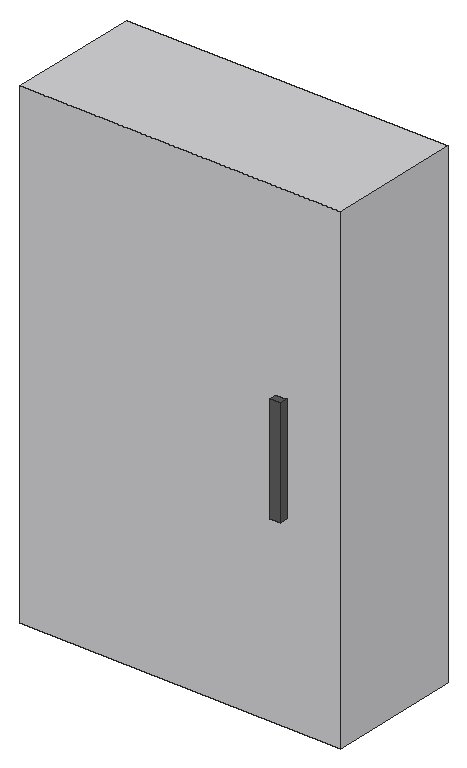
Revit family "EQ_DB Wall Mounted", category Electrical Equipment, Revit 2025
Family settings
  Panel Configuration = Two Columns, Circuits Across
  Round Connector Dimension = Use Diameter
  Part Type = Panelboard
  OmniClass Number = 23.80.30.11.17
  OmniClass Title = Distribution Boards and Control Panels
  Work Plane-Based = No
  Always vertical = Yes
  Cut with Voids When Loaded = No
  Maintain Annotation Orientation = No
  Shared = No
  Room Calculation Point = No
Parameters (values of type "DB 160A 400/230V")
  Width = 600 mm
  built-in parameter 1140142 [instance] = -1
  Rated Current = "160 A"
  built-in parameter 1140140 [instance] = 1 (stored number, unit not read)
  Height = 900 mm
  built-in parameter 1155100 [instance] = -1
  EL Voltage [instance] = 400 V
  EL Number of Poles [instance] = 3
  Depth = 250 mm
  Default Elevation = 0 mm
Types (2, lengths in mm): name | Width | Rated Current | Height | Depth
  DB 160A 400/230V | 600 | "160 A" | 900 | 250
  DB 63A 400/230V | 500 | "63 A" | 700 | 200
Reference planes
  plane 1 "Center (Front/Back)": y = 0
  plane 2: z = 0
  plane 3 "Center (Left/Right)": x = 0
  plane 4 "Left": x = -300
  plane 5 "Right": x = 300
  plane 6 "Front": y = -250
  plane 7 "Top": z = 900
Forms (mm)
  Extrusion 1, solid, material "DB Grey"
    sketch origin (0, 0, 0) x (1, 0, 0) y (0, 1, 0)
      loop
        line (-300, -250) -> (300, -250) -> (300, 0) -> (-300, 0) -> (-300, -250)
    from 0 to 900
  Extrusion 2, solid, material "Plinth Black"
    sketch origin (0, 0, 350) x (1, 0, 0) y (0, 1, 0)
      loop
        line (180, -265) -> (200, -265) -> (200, -250) -> (180, -250) -> (180, -265)
    from 0 to 200
Dimensions and locks
  equal spacing: plane 4 "Left", plane 3 "Center (Left/Right)", plane 5 "Right"
  "Width": plane 4 "Left" to plane 5 "Right"
  "Depth": plane 6 "Front" to plane 1 "Center (Front/Back)"
  "Height": level to plane 7 "Top"
  aligned and locked: level to plane 2
  aligned and locked: Extrusion 1 to plane 7 "Top"
  aligned and locked: Extrusion 1 to level
  aligned and locked: Extrusion 1 to plane 5 "Right"
  aligned and locked: Extrusion 1 to plane 1 "Center (Front/Back)"
  aligned and locked: plane 4 "Left" to Extrusion 1
  aligned and locked: Extrusion 1 to plane 6 "Front"
  aligned and locked: plane 6 "Front" to Extrusion 2
Automatic sketch dimensions
  Extrusion 1 sketch curve to plane 4 "Left" = 0 mm
  plane 1 "Center (Front/Back)" to Extrusion 1 sketch curve = 0 mm
  Extrusion 1 sketch curve to plane 5 "Right" = 0 mm
  Extrusion 1 sketch curve to plane 6 "Front" = 0 mm
  Extrusion 2 sketch curve to plane 6 "Front" = 0 mm
  Extrusion 2 sketch curve to plane 6 "Front" = 15 mm
  plane 5 "Right" to Extrusion 2 sketch curve = 120 mm
  Extrusion 2 sketch curve to Extrusion 2 sketch curve = 20 mm
Connectors
  electrical at (0, -125, 900), driven by "EL Voltage", driven by "EL Number of Poles"
    settings: on Extrusion 1, index 1, voltage 400 V, apparent load 0 VA, apparent load phase1 0 VA, apparent load phase2 0 VA, apparent load phase3 0 VA, power factor 1, load classification "Other", number of poles 3, system type 30, power factor state 1, is connector primary yes, connector utility no, sub classification motor no, connector description ""
